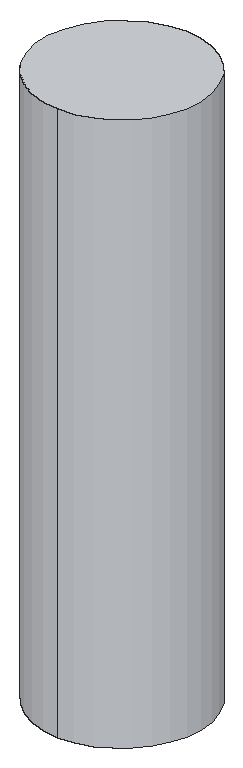
Revit family "M_Sprinkler - Pendente", category Sprinklers, Revit 2019
Family settings
  Manter orientação da anotação = Sim
  Cota do conector redondo = Usar raio
  Tipo de parte = Normal
  Número OmniClass = 23.65.70.17.11.24
  Título OmniClass = Fire Fighting Sprinkler Heads
  ID de item do Seek = Sprinkler - Pendent-0000-CAN-ENU
  Com base no plano de trabalho = Não
  Sempre na vertical = Sim
  Corte com vazios quando carregada = Não
  Compartilhado = Não
  Ponto de cálculo do ambiente = Não
Parameters (values of type "Pendente de 15 mm")
  Classificação de temperatura = 57 °C
  Símbolo [instance] = M_Sprinkler - Símbolo - Pendente : Sprinkler - Símbolo - Pendente
  Resposta = Padrão
  Queda de pressão [instance] = 48300.0 Pa
  Classe de pressão = Padrão
  Comprimento total = 60 mm
  Tamanho do orifício = 13 mm
  Orifício = Padrão
  Fator-K = 81
  Fluxo [instance] = 2.0 L/s
  Cobertura = Padrão
  Diâmetro nominal = Raio nominal * 2  # 15 mm
  Raio nominal = 7.5 mm
  CEL = 7 mm
  Assembly Code = ""
Types (8, lengths in mm): name | Símbolo | Queda de pressão | Comprimento total | Tamanho do orifício | Fator-K | Fluxo | Diâmetro nominal | Raio nominal | CEL
  Pendente de 15 mm | M_Sprinkler - Símbolo - Pendente : Sprinkler - Símbolo - Pendente | 48300.0 Pa | 60 | 13 | 81 | 2.0 L/s | 15 | 7.5 | 7
  Pendente em gota de 15 mm | M_Sprinkler - Símbolo - Pendente em gota : Sprinkler - Símbolo - Pendente em gota | 48300.0 Pa | 60 | 13 | 81 | 2.0 L/s | 15 | 7.5 | 7
  Pendente em gota de 15 mm com proteção | M_Sprinkler - Símbolo - Pendente em gota com proteção : Sprinkler - Símbolo - Pendente em gota com proteção | 48300.0 Pa | 60 | 13 | 81 | 2.0 L/s | 15 | 7.5 | 7
  Pendente de 15 mm com proteção | M_Sprinkler - Símbolo - Pendente com protetor : Sprinkler - Símbolo - Pendente com proteção | 48300.0 Pa | 60 | 13 | 81 | 2.0 L/s | 15 | 7.5 | 7
  Pendente de 20 mm | M_Sprinkler - Símbolo - Pendente : Sprinkler - Símbolo - Pendente | 96500.0 Pa | 64 | 14 | 115 | 3.0 L/s | 20 | 10 | 10
  Pendente em gota de 20 mm | M_Sprinkler - Símbolo - Pendente em gota : Sprinkler - Símbolo - Pendente em gota | 96500.0 Pa | 64 | 14 | 115 | 3.0 L/s | 20 | 10 | 10
  Pendente em gota de 20 mm com proteção | M_Sprinkler - Símbolo - Pendente em gota com proteção : Sprinkler - Símbolo - Pendente em gota com proteção | 96500.0 Pa | 64 | 14 | 115 | 3.0 L/s | 20 | 10 | 10
  Pendente de 20 mm com proteção | M_Sprinkler - Símbolo - Pendente com protetor : Sprinkler - Símbolo - Pendente com proteção | 96500.0 Pa | 64 | 14 | 115 | 3.0 L/s | 20 | 10 | 10
Reference planes
  plane 1 "Centro (Frente/Trás)": y = 0
  plane 2: z = 0
  plane 3 "Centro (Esquerda/Direita)": x = 0
  plane 4: z = -53
  plane 5: z = 7
Forms (mm)
  Extrusion 1, solid
    sketch origin (0, 0, 0) x (0, -1, 0) y (1, 0, 0)
      loop
        circle (0, 0) r 7.5
    from 0 to -53
Dimensions and locks
  "Comprimento total": plane 4 to plane 5
  "CEL": level to plane 5
  "Raio nominal": radius of Extrusion 1 sketch curve
  aligned and locked: Extrusion 1 to plane 4
  aligned and locked: Extrusion 1 to level
Automatic sketch dimensions
  Extrusion 1 sketch curve to plane 1 "Centro (Frente/Trás)" = 0 mm
  Extrusion 1 sketch curve to plane 3 "Centro (Esquerda/Direita)" = 0 mm
Nested families
  nested 1: "M_Sprinkler - Símbolo - Pendente" at (0, 0, 0), type <- "Símbolo", type "Sprinkler - Símbolo - Pendente"
Connectors
  piping at (0, 0, 0), diameter 15, driven by "Fluxo", driven by "Queda de pressão", driven by "Raio nominal"
    settings: on Extrusion 1, index 1, connector inside diameter 15 mm, connector length 0 mm, flow factor 0, pipe flow 2.0 L/s, pressure drop 48300.0 Pa, fitting loss kfactor 0, connector angle 0.00°, fixture units 0, engagement length 0 mm, angle of deflection 0.00°, flow configuration 1, flow direction 1, fitting loss method 4, system type 23, joint type 0, gender type 0, connector reference index -1, connector utility 0, adjustable connector no, is connector primary yes, connector description "In"
Definition of nested family "M_Sprinkler - Símbolo - Pendente"
  Parameters
    Raio do símbolo = 0.5 * Diâmetro do símbolo  # 1.5 mm
    Diâmetro do símbolo = 3 mm
  Reference planes
    plane 1: y = 0
    plane 2: x = 0
  Lines and regions (mm)
    detail lines
      curve 1: circle (0, 0, 0) r 1.5 normal (0, 0, 1)
  Dimensions and locks
    "Raio do símbolo": radius of curve 1
  Automatic sketch dimensions
    curve 1 to plane 1 = 0 mm
    curve 1 to plane 2 = 0 mm
